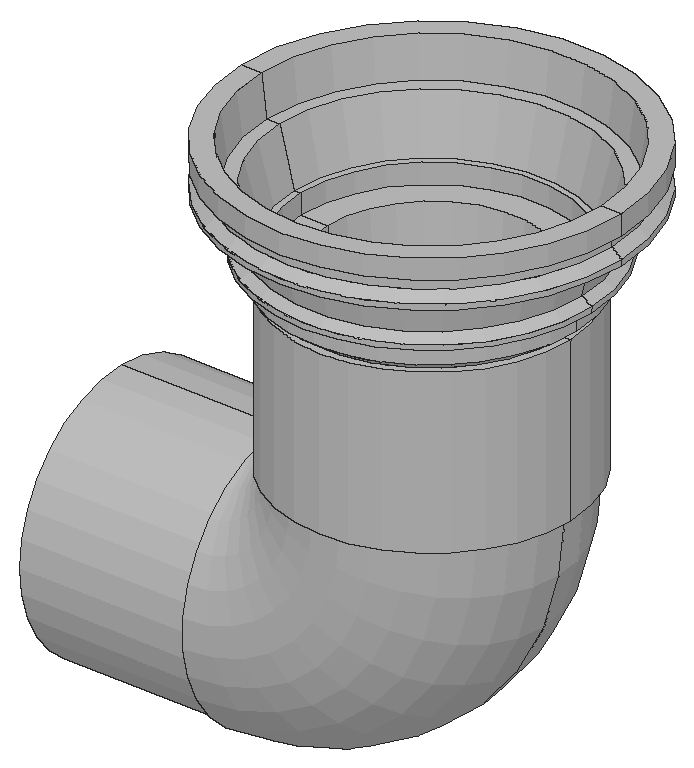
Revit family "482079001(1)", category Generic Models, host Floor, Revit 2019
Family settings
  Host = Floor
  Can host rebar = No
  Always vertical = Yes
  Cut with Voids When Loaded = No
  Shared = Yes
  Room Calculation Point = No
Parameters (values of type "482079001")
  SUPPLIER = "KOERO"
  NT = "Balcony transit and drain wastes"
  NN = "PLUVETTA® 90°"
  NBSYN = "$CNSORDERNO.($LODLEVEL.)"
  NB = "482079001(1)"
  Model = "482079001"
  Manufacturer = "KOERO"
  MIdent = "{$CADENAS_DATA/23d-libs/koero/pluvetta/pluvetta_90.prj},184 {VTYP=3D},{NB=482079001(1)},{LINA=482079001},{NN=PLUVETTA® 90°},{DATE=23.04.2020 08:29:07},{GEOMDATE=22.04.2020 12:28:20},{VERSION=},{LINEID=70},{WBVAR=LODLEVEL},{WBNUMERIC=LODLEVEL}  {NB=482079001(1)},{LINA=482079001},{KT=DUMMY},{CNSORDERNO=482079001},{LODLEVEL=1},{BEZ=Balkonpot Pluvetta® 70 mm met 90° bocht van PVC, mof 80 mm, zonder rooster},{D=115},{D1=103},{D2=80},{H=166},{H1=132.5},{INFO=PDF Catalog},{HTML=Product page},{INFOPAGE=pluvetta_90},{INFOPATH=pluvetta_90_nl.pdf},{HTML1=https://debeer-sanitair.nl/maattekeningen/pluvetta/},{H2=88.500},{H3=12.000},{L1=43.250},{ANG=90.000},{L2=50.550},{DISTHELP=50.550},{DISTHELP2=43.984}"
  LODLEVEL = "300"
  LINA = "482079001"
  INFO = "PDF Catalog"
  HTML = "Product page"
  H1 = 132.5 mm
  H = 166 mm
  Description = "Balcony transit and drain wastes"
  D2 = 80 mm
  D1 = 103 mm
  D = 115 mm
  CREATOR = "CADENAS GmbH"
  CNSORDERNO = "482079001"
  CATALOG = "König & Ronneberger"
  BOMINFO = "LINA"
  BEZ = "Balkonpot Pluvetta® 70 mm met 90° bocht van PVC, mof 80 mm, zonder rooster"
  ARTICLENO = "NB"
Reference planes
  plane 1 "Center (Front/Back)": y = 0
  plane 2: z = 0
  plane 3 "Center (Left/Right)": x = 0
Forms (mm)
  Extrusion 1, void
    sketch origin (-93.8, 0, -132.484) x (0, 0, -1) y (0, 1, 0)
      loop
        line (-0.5, -0.5) -> (0.5, -0.5) -> (0.5, 0.5) -> (-0.5, 0.5) -> (-0.5, -0.5)
    from 0 to 1
Dimensions and locks
  locked: Extrusion 1 to plane 2 at 132.984
  locked: Extrusion 1 to plane 2 at 131.984
  aligned and locked: level to plane 2
Nested families
  nested 1: "482079001(1)_content" at (0, 0, 0), type "482079001(1)_Content"
Connectors
  hvac at (0, 0, 0)
    settings: on host floor, index 1, duct flow 0.0 L/s, flow factor 0, pres drop 0.0 Pa, loss coef 0, conn angle 0.00°, conn width 304.8 mm, conn height 304.8 mm, conn diameter 103 mm, duct sys type 29, conn prof type 0, flow config 0, flow direction 1, loss method 0, conn ref index -1, conn util no, is conn primary yes, conn desc ""
  hvac at (-93.8, 0, -132.484)
    settings: on Extrusion 1, index 2, duct flow 0.0 L/s, flow factor 0, pres drop 0.0 Pa, loss coef 0, conn angle 0.00°, conn width 304.8 mm, conn height 304.8 mm, conn diameter 80 mm, duct sys type 29, conn prof type 0, flow config 0, flow direction 2, loss method 0, conn ref index -1, conn util no, is conn primary no, conn desc ""
Definition of nested family "482079001(1)_content"
  Parameters (values of type "482079001(1)_Content")
    SUPPLIER = "KOERO"
    NT = "Balcony transit and drain wastes"
    NN = "PLUVETTA® 90°"
    NBSYN = "$CNSORDERNO.($LODLEVEL.)"
    NB = "482079001(1)"
    Model = "482079001"
    Manufacturer = "KOERO"
    LODLEVEL = "300"
    LINA = "482079001"
    INFO = "PDF Catalog"
    HTML = "Product page"
    H1 = 132.5 mm
    H = 166 mm
    Description = "Balcony transit and drain wastes"
    Default Elevation = 1219.2 mm
    D2 = 80 mm
    D1 = 103 mm
    D = 115 mm
    CREATOR = "CADENAS GmbH"
    CNSORDERNO = "482079001"
    CATALOG = "König & Ronneberger"
    BOMINFO = "LINA"
    BEZ = "Balkonpot Pluvetta® 70 mm met 90° bocht van PVC, mof 80 mm, zonder rooster"
    ARTICLENO = "NB"
  Reference planes
    plane 1 "Center (Front/Back)": y = 0
    plane 2: z = 0
    plane 3 "Center (Left/Right)": x = 0
  Forms (mm)
    Revolve 1, solid, detail levels medium+fine
      sketch origin (0, 0, 0) x (-1, 0, 0) y (0, 0, -1)
        loop
          line (-57.5, 6) -> (-57.5, 0) -> (-51.5, 0) -> (-50, 12) -> (-45.942, 12) -> (-41.588, 28.449) -> (-39.582, 28.449) -> (-39.582, 34.449) -> (-31.499, 34.449) -> (-25.478, 94.223) -> (-28.478, 94.223) -> (-33.99, 39.5) -> (-40.056, 39.5) -> (-44.056, 36.5) -> (-44.056, 30) -> (-48.556, 30) -> (-48.556, 28.5) -> (-45.556, 26.5) -> (-48.556, 15) -> (-57.5, 14) -> (-57.5, 12.5) -> (-54.5, 10) -> (-54.5, 6) -> (-57.5, 6)
        axis (0, 94.223) -> (0, 0)
      angle from -360 to 0
    Revolve 2, solid, detail levels medium+fine
      sketch origin (0, 0, 0) x (-1, 0, 0) y (0, 0, -1)
        loop
          line (36.975, 87.1) -> (40, 87.1) -> (40, 39.5) -> (42.25, 39.5) -> (42.25, 88.5) -> (36.975, 88.5) -> (36.975, 87.1)
        axis (0, 39.5) -> (0, 88.5)
      angle from -360 to 0
    Revolve 3, solid, detail levels medium+fine
      sketch origin (0, 0, -88.5) x (-1, 0, 0) y (0, -1, 0)
        loop
          circle (0, 0) r 40.225
        loop
          circle (0, 0) r 36.975
        axis (43.25, 0) -> (43.25, -1)
      angle from 0 to 90
    Revolve 4, solid, detail levels medium+fine
      sketch origin (0, 0, 0) x (-1, 0, 0) y (0, 0, -1)
        loop
          line (43.25, 95.534) -> (43.25, 94.084) -> (93.8, 94.084) -> (93.8, 95.534) -> (43.25, 95.534)
        axis (43.25, 132.484) -> (93.8, 132.484)
      angle from 0 to 360
    Extrusion 5, solid, detail levels coarse
      sketch origin (-18.15, 0, -171.975) x (1, 0, 0) y (0, 1, 0)
        loop
          line (-75.65, -57.5) -> (75.65, -57.5) -> (75.65, 57.5) -> (-75.65, 57.5) -> (-75.65, -57.5)
      from 0 to 171.975
  Dimensions and locks
    aligned and locked: level to plane 2
